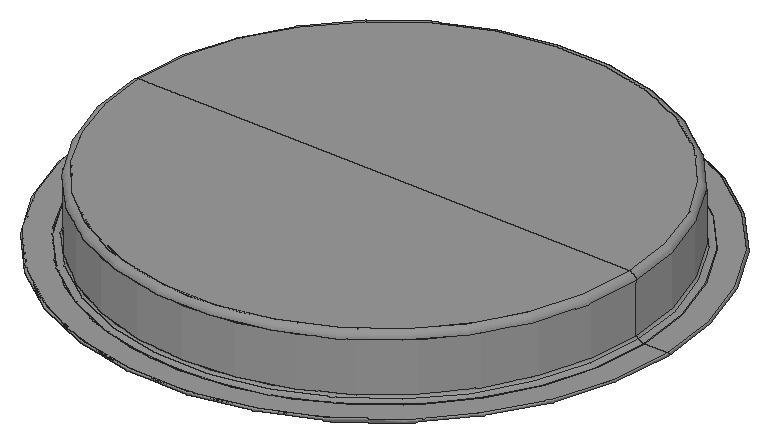
Revit family "MIA12_63_UN_Downlighter_ETK", category Lighting Fixtures, Revit 2017 (continued)
Definition of nested family "MIA.1 - Lightsource"
  Types (8, lengths in mm): name | Wattage | built-in parameter 1150134 | Photometric Web File | built-in parameter 1150142 | built-in parameter 1150105 | Lumens | built-in parameter 1150107 | built-in parameter 1150106
    MIA.1263.15 -  Ø180 / 10W / 1100lm / 4000K | 7.40531 W | 12 | "MIA.1263.15_LDT.ies" | "IESNA91\r\n[MANUFAC]  www.etk.nl\r\n[LUMCAT] MIA.1263.15\r\n[LUMINAIRE] MIA.1 LED 10W 4000K ø180 1000Lm mat wit  Dimbaar DALI\r\n[LAMP] LED\r\n[CHANGED] this file converted to 'ies' from 'ldt' by IES Viewer v2.99n    (C) Andrey Legotin\r\nTILT=NONE\r\n1 1050 1.05 181 24 1 2 0 -0.16 0\r\n1 1 10\r\n0 1 2 3 4 5 6 7 8 9 10 11 12 13 14 15 16 17 18 19 20 21 22 \r\n23 24 25 26 27 28 29 30 31 32 33 34 35 36 37 38 39 40 41 42 \r\n43 44 45 46 47 48 49 50 51 52 53 54 55 56 57 58 59 60 61 62 \r\n63 64 65 66 67 68 69 70 71 72 73 74 75 76 77 78 79 80 81 82 \r\n83 84 85 86 87 88 89 90 91 92 93 94 95 96 97 98 99 100 101 \r\n102 103 104 105 106 107 108 109 110 111 112 113 114 115 116 \r\n117 118 119 120 121 122 123 124 125 126 127 128 129 130 131 \r\n132 133 134 135 136 137 138 139 140 141 142 143 144 145 146 \r\n147 148 149 150 151 152 153 154 155 156 157 158 159 160 161 \r\n162 163 164 165 166 167 168 169 170 171 172 173 174 175 176 \r\n177 178 179 180 \r\n0 15 30 45 60 75 90 105 120 135 150 165 180 195 210 225 240 \r\n255 270 285 300 315 330 345 \r\n346.7666 346.96 346.9237 346.8029 346.1864 346.1139 \r\n345.4611 344.9293 344.1073 343.7931 342.8381 341.5206 \r\n340.2635 338.6317 336.9394 334.9934 332.5879 331.4638 \r\n329.7474 327.3661 325.1541 322.652 320.5125 317.95 314.9523 \r\n312.4018 309.4524 306.3459 303.0098 300.0121 296.9539 \r\n293.2189 289.5322 285.8697 282.0742 278.2546 274.6283 \r\n270.7845 266.8198 262.4199 258.3706 253.9466 249.5588 \r\n245.2315 240.2393 235.6219 230.9924 226.387 222.0839 \r\n216.6203 211.3381 206.5031 201.3659 196.3858 190.9223 \r\n185.8334 180.3941 175.0635 169.6483 163.8342 159.0112 \r\n153.318 147.4193 142.0525 136.4559 130.8473 125.0695 \r\n119.3884 113.7314 108.0865 102.4417 96.9298 91.3212 85.5675 \r\n80.1402 74.6283 69.1285 63.4715 58.1651 52.7257 47.3951 \r\n42.2217 37.0241 31.9231 26.8343 21.8421 16.9588 12.1721 \r\n7.5063 3.1911 0.7857 0.133 0.1209 0.1209 0.1209 0.1209 \r\n0.1209 0.1209 0.1209 0.1209 0.1209 0.133 0.1451 0.1571 \r\n0.1571 0.1692 0.1692 0.1813 0.1813 0.2055 0.2055 0.2176 \r\n0.2297 0.2418 0.2538 0.2659 0.2659 0.278 0.278 0.2901 \r\n0.3022 0.3264 0.3264 0.3143 0.3264 0.3385 0.3505 0.3505 \r\n0.3626 0.3747 0.3868 0.3868 0.3989 0.411 0.411 0.411 0.4352 \r\n0.4352 0.4352 0.4472 0.4472 0.4593 0.4714 0.4714 0.4835 \r\n0.4956 0.4956 0.4956 0.5077 0.5077 0.5077 0.5077 0.5198 \r\n0.5198 0.5198 0.5319 0.5319 0.5319 0.5319 0.5319 0.5319 \r\n0.5319 0.5319 0.5319 0.5319 0.5319 0.5319 0.556 0.556 0.556 \r\n0.556 0.6044 0.6165 0.6406 0.6406 0.6527 0.6527 0.6527 \r\n0.6527 0.6527 0.6406 \r\n348.3742 347.7578 349.2083 348.2413 348.0962 346.9842 \r\n346.5248 345.9084 346.0172 344.8326 343.6964 343.6722 \r\n341.0734 340.3119 338.2812 336.3472 334.5582 332.9868 \r\n331.1374 328.3936 327.2936 324.5739 321.3828 319.6059 \r\n316.4632 313.7314 311.4469 307.7602 305.0526 301.9098 \r\n298.6341 295.1287 291.7442 287.7674 284.5401 280.5633 \r\n276.9733 273.3954 269.0801 264.6924 260.6551 256.6421 \r\n252.1818 247.1776 243.092 238.535 234.0868 229.3122 \r\n224.4772 218.8807 213.2842 207.6877 202.5867 197.6067 \r\n192.7958 187.5378 181.9413 176.3447 170.8933 165.466 \r\n160.0266 154.6356 149.0632 143.4667 137.9669 132.455 \r\n126.931 120.7784 115.1698 109.6337 103.9768 98.2594 92.5299 \r\n86.9213 81.4094 75.9579 70.3856 64.9462 59.4585 54.14 \r\n48.7731 43.503 38.2086 33.0835 28.0189 23.063 18.0708 \r\n13.1875 8.4854 3.9889 1.1483 0.0967 0.0967 0.1088 0.1088 \r\n0.1088 0.1209 0.1209 0.1209 0.133 0.1451 0.1571 0.1692 \r\n0.1692 0.1813 0.1934 0.1934 0.2055 0.2176 0.2297 0.2297 \r\n0.2418 0.2538 0.2659 0.278 0.278 0.2901 0.3022 0.3143 \r\n0.3264 0.3264 0.3385 0.3505 0.3626 0.3626 0.3626 0.3747 \r\n0.3868 0.3989 0.3989 0.411 0.4231 0.4231 0.4352 0.4352 \r\n0.4472 0.4593 0.4593 0.4714 0.4714 0.4835 0.4956 0.5077 \r\n0.5077 0.5077 0.5077 0.5077 0.5319 0.5319 0.5319 0.5319 \r\n0.5319 0.5319 0.5319 0.5319 0.5319 0.5319 0.5439 0.5439 \r\n0.5439 0.5439 0.5439 0.5439 0.5439 0.556 0.556 0.556 0.5681 \r\n0.5681 0.5802 0.6044 0.6044 0.6165 0.6165 0.6165 0.6286 \r\n0.6286 0.6406 0.6286 0.6286 0.6406 \r\n347.794 348.1083 348.0479 347.7336 347.5402 347.6973 \r\n346.8512 346.0293 345.7512 344.5667 343.7326 342.5964 \r\n341.2426 340.0218 338.5229 336.9394 335.0538 333.4341 \r\n331.5363 329.2518 327.5837 324.719 322.2048 319.896 \r\n317.1401 313.816 311.193 308.3887 305.3427 301.8494 \r\n298.8396 295.2133 291.297 288.263 284.528 280.6237 276.6348 \r\n273.1415 269.4669 265.466 260.3409 256.5333 251.7104 \r\n247.0809 242.8865 238.8372 234.2198 228.9617 224.2717 \r\n219.2917 213.9369 209.2711 204.5207 198.9121 193.6178 \r\n188.5289 183.2346 177.3722 172.1383 166.6747 161.1749 \r\n156.1102 150.2115 144.5546 138.8614 133.3495 127.9101 \r\n121.9872 116.4511 110.7579 105.0647 99.3714 93.9562 88.3476 \r\n82.8357 77.1909 71.6306 66.1187 60.776 55.2037 49.7885 \r\n44.5908 39.3086 34.0868 28.9738 23.9333 18.9532 14.1182 \r\n9.3074 4.7625 1.4747 0.133 0.1209 0.1209 0.1209 0.1209 \r\n0.1209 0.1209 0.1209 0.1209 0.1209 0.1209 0.1451 0.1571 \r\n0.1571 0.1571 0.1692 0.1813 0.1934 0.2055 0.2055 0.2176 \r\n0.2297 0.2418 0.2418 0.2538 0.2659 0.278 0.278 0.2901 \r\n0.3022 0.3143 0.3264 0.3264 0.3264 0.3264 0.3385 0.3505 \r\n0.3626 0.3626 0.3868 0.3868 0.3989 0.3989 0.411 0.411 \r\n0.4352 0.4352 0.4352 0.4472 0.4472 0.4593 0.4714 0.4714 \r\n0.4835 0.4956 0.4956 0.5077 0.5077 0.5077 0.5077 0.5077 \r\n0.5198 0.5198 0.5319 0.5319 0.5319 0.5319 0.5319 0.5319 \r\n0.5439 0.5439 0.5439 0.5439 0.5439 0.5439 0.5439 0.556 \r\n0.556 0.556 0.5681 0.6044 0.6286 0.6406 0.6527 0.6648 \r\n0.6648 0.6769 0.6769 0.6648 0.6406 \r\n346.5369 347.8666 347.2017 346.4161 346.3798 346.4886 \r\n346.3677 345.8359 344.8205 344.7963 343.5755 342.0887 \r\n340.88 339.6591 338.8009 337.701 334.9208 332.9868 330.8594 \r\n328.865 327.487 324.2355 322.3861 319.6422 317.539 315.1819 \r\n311.2897 308.0019 304.7504 302.3087 299.166 295.999 \r\n292.2761 289.0971 285.7367 281.8808 277.7106 274.0602 \r\n269.89 265.7198 261.6826 257.0893 252.762 249.2929 244.0832 \r\n239.4416 234.7758 230.1946 225.553 220.0169 214.4688 \r\n208.9448 204.0977 199.0209 193.8595 188.6136 182.9929 \r\n177.6744 172.38 166.8923 161.465 156.1465 150.5137 144.893 \r\n139.369 133.7121 127.6804 122.3136 116.7533 111.0963 \r\n105.5482 99.7462 94.1376 88.4564 82.9808 77.3963 71.7515 \r\n66.4209 60.8365 55.6388 50.1511 44.8205 39.5383 34.4978 \r\n29.3485 24.3201 19.2917 14.36 9.6821 5.0284 1.5956 0.1088 \r\n0.0967 0.1088 0.1088 0.1209 0.1209 0.1209 0.133 0.1451 \r\n0.1451 0.1571 0.1571 0.1813 0.1813 0.1934 0.1934 0.2055 \r\n0.2176 0.2297 0.2418 0.2418 0.2538 0.2659 0.278 0.2901 \r\n0.2901 0.3143 0.3143 0.3264 0.3385 0.3385 0.3505 0.3626 \r\n0.3626 0.3747 0.3747 0.3868 0.3868 0.3989 0.411 0.4231 \r\n0.4231 0.4231 0.4352 0.4352 0.4352 0.4472 0.4593 0.4593 \r\n0.4714 0.4835 0.4956 0.5077 0.5077 0.5077 0.5198 0.5198 \r\n0.5198 0.5198 0.5198 0.5198 0.5198 0.5319 0.5319 0.5319 \r\n0.5319 0.5319 0.5319 0.5319 0.5439 0.5439 0.5439 0.5439 \r\n0.556 0.556 0.5681 0.5681 0.5802 0.5923 0.6044 0.6044 \r\n0.6165 0.6165 0.6286 0.6286 0.6406 0.6406 0.6406 0.6406 \r\n0.6406 \r\n347.0688 347.5402 348.0358 348.3501 348.2413 347.1655 \r\n346.7787 347.2259 345.8721 345.0381 343.9744 342.3788 \r\n341.3514 339.6229 338.7526 337.3142 335.1988 333.0956 \r\n330.8836 329.0221 327.1123 324.7069 322.2168 319.1708 \r\n317.1401 314.5655 311.3139 308.7151 305.3669 302.212 \r\n299.2747 295.5397 291.986 288.6377 284.9631 280.9017 \r\n277.348 273.5646 269.7208 265.611 261.1024 256.9201 \r\n252.4115 247.6611 243.2733 238.8734 233.7363 229.3606 \r\n224.586 219.3279 214.6863 209.5975 204.6416 199.3714 \r\n194.4035 189.0487 183.4159 178.1458 172.7306 166.9527 \r\n161.6584 156.2553 150.6829 145.0502 139.4778 133.8813 \r\n128.321 122.5553 117.1401 111.4469 105.7416 100.0363 \r\n94.3914 88.5894 83.1863 77.6139 72.0053 66.6143 60.9573 \r\n55.663 50.3324 45.0018 39.8163 34.5703 29.4331 24.4168 \r\n19.4246 14.5413 9.7667 5.1735 1.6439 0.1692 0.1209 0.1088 \r\n0.1088 0.1088 0.1088 0.1088 0.1088 0.1088 0.1209 0.1209 \r\n0.1451 0.1451 0.1571 0.1571 0.1692 0.1813 0.1813 0.2055 \r\n0.2176 0.2176 0.2297 0.2297 0.2418 0.2538 0.2659 0.278 \r\n0.278 0.2901 0.3022 0.3264 0.3264 0.3264 0.3264 0.3385 \r\n0.3505 0.3505 0.3626 0.3747 0.3747 0.3868 0.3989 0.411 \r\n0.411 0.411 0.4352 0.4352 0.4472 0.4352 0.4352 0.4472 \r\n0.4472 0.4593 0.4593 0.4714 0.4714 0.4956 0.4956 0.5077 \r\n0.5077 0.5077 0.5198 0.5198 0.5198 0.5319 0.5319 0.5319 \r\n0.5319 0.5319 0.5319 0.5319 0.5319 0.5319 0.5319 0.5439 \r\n0.5439 0.5439 0.556 0.556 0.5681 0.6044 0.6286 0.6406 \r\n0.6527 0.6648 0.6769 0.6769 0.6769 0.6648 0.6406 \r\n347.794 348.1687 348.2654 347.4677 348.2171 347.238 \r\n347.3105 347.3105 345.6425 345.0743 343.9502 343.2975 \r\n341.9074 340.1185 338.7888 337.3504 335.7186 333.7 331.633 \r\n329.8078 327.7408 325.0453 322.7124 320.0894 317.5632 \r\n314.3962 312.3414 308.5459 305.8262 302.3329 299.7824 \r\n296.3133 293.0134 289.4597 285.4345 281.9896 277.904 \r\n274.4712 270.3493 266.6022 262.2628 257.6695 253.1125 \r\n248.8577 244.6392 239.8888 235.3197 230.3759 225.8189 \r\n220.2708 214.7226 209.1744 203.9043 198.9605 193.8716 \r\n188.6015 183.2588 177.7832 172.3438 167.0615 161.5134 \r\n155.9289 150.3203 144.5788 139.1394 133.4462 127.8134 \r\n122.1322 116.4995 110.7579 105.1855 99.6374 93.92 88.3114 \r\n82.7874 76.9491 71.3889 66.0703 60.5584 55.2158 49.8852 \r\n44.5304 39.2723 34.0505 28.9496 23.9454 18.929 14.1061 \r\n9.3557 4.7625 1.4505 0.1088 0.1088 0.1088 0.1088 0.1209 \r\n0.1209 0.1209 0.133 0.1451 0.1571 0.1571 0.1692 0.1813 \r\n0.1813 0.1934 0.2055 0.2176 0.2176 0.2297 0.2418 0.2538 \r\n0.2659 0.2659 0.278 0.2901 0.3022 0.3143 0.3264 0.3264 \r\n0.3385 0.3505 0.3505 0.3626 0.3626 0.3747 0.3747 0.3989 \r\n0.3989 0.411 0.4231 0.4352 0.4352 0.4352 0.4472 0.4472 \r\n0.4593 0.4714 0.4714 0.4835 0.4835 0.4956 0.5077 0.5077 \r\n0.5077 0.5198 0.5077 0.5198 0.5198 0.5319 0.5319 0.5319 \r\n0.5319 0.5319 0.5319 0.5319 0.5319 0.5319 0.5319 0.5439 \r\n0.5439 0.5439 0.5439 0.556 0.556 0.5681 0.5681 0.5802 \r\n0.5802 0.5923 0.6044 0.6165 0.6286 0.6286 0.6406 0.6406 \r\n0.6527 0.6648 0.6527 0.6527 0.6406 \r\n347.4918 347.4556 347.0325 346.9842 346.5611 346.2589 \r\n344.7842 343.3579 342.959 342.2338 341.025 339.9613 \r\n338.6438 336.9515 335.1868 333.3253 331.5363 329.699 \r\n327.4387 324.586 322.0355 320.3554 317.6599 314.3962 \r\n312.1963 309.1502 306.08 302.9494 299.6011 296.7243 \r\n293.6299 289.7256 286.0389 282.8841 279.4029 275.3656 \r\n271.7877 267.5571 263.3627 259.2893 254.8773 250.9489 \r\n246.3314 242.0283 237.4109 232.9626 228.3694 223.6553 \r\n218.2401 212.8128 207.3855 202.0065 197.5946 192.1794 \r\n187.2235 182.1709 176.8645 171.6548 166.5297 161.054 \r\n155.4938 150.0665 144.8447 139.5141 133.8692 128.1035 \r\n122.7004 117.1643 111.7853 106.2976 100.8703 95.3705 \r\n89.9553 84.5038 79.2457 73.6976 68.2098 63.0726 57.7058 \r\n52.5565 47.3589 42.3426 37.3021 32.3462 27.4628 22.6278 \r\n17.9016 13.1996 8.6667 4.2669 1.2571 0.0484 0.0604 0.0604 \r\n0.0725 0.0604 0.0725 0.0846 0.0846 0.0967 0.0967 0.1088 \r\n0.1209 0.1209 0.133 0.1451 0.1451 0.1571 0.1692 0.1813 \r\n0.1813 0.1934 0.2055 0.2055 0.2176 0.2297 0.2418 0.2418 \r\n0.2538 0.2538 0.2659 0.278 0.278 0.2901 0.3022 0.3022 \r\n0.3143 0.3143 0.3264 0.3264 0.3385 0.3505 0.3626 0.3626 \r\n0.3626 0.3747 0.3747 0.3868 0.3989 0.411 0.411 0.4231 \r\n0.4352 0.4352 0.4472 0.4472 0.4593 0.4593 0.4714 0.4714 \r\n0.4714 0.4835 0.4835 0.4956 0.4835 0.4956 0.5077 0.5077 \r\n0.5319 0.5319 0.5439 0.5439 0.556 0.5681 0.5802 0.5802 \r\n0.5923 0.6044 0.6165 0.6165 0.6165 0.6286 0.6286 0.6286 \r\n0.6406 0.6406 0.6406 0.6406 0.6406 0.6406 0.6406 \r\n348.6764 348.9907 348.3863 347.516 346.8029 346.4886 \r\n345.8359 345.0864 344.0348 342.8986 341.6173 340.3239 \r\n339.3449 337.2295 335.2955 333.3132 331.6814 329.3122 \r\n327.7408 325.4321 322.7487 320.4883 318.2159 315.6896 \r\n312.2809 309.3557 306.6965 303.8317 300.0242 296.5551 \r\n292.7475 289.6531 285.8697 282.5819 278.4117 274.9547 \r\n271.413 267.3758 263.121 258.6486 254.2367 249.9819 \r\n245.3282 240.5173 236.1779 231.8869 226.8101 222.1806 \r\n217.3456 212.4501 207.6756 202.5746 197.6188 192.1552 \r\n187.1026 182.1105 176.8766 171.5218 166.1912 160.5222 \r\n155.5663 149.8489 144.204 138.7767 133.2165 127.7167 \r\n122.096 116.717 111.2172 105.7053 100.2055 94.6211 89.2784 \r\n83.8511 78.3392 72.9844 67.5209 62.2749 56.9564 51.928 \r\n46.6699 41.569 36.5043 31.4517 26.6892 21.818 16.9588 \r\n12.3776 7.8206 3.5537 0.9428 0.0967 0.0725 0.0725 0.0725 \r\n0.0725 0.0725 0.0725 0.0725 0.0725 0.0846 0.0967 0.0967 \r\n0.0967 0.1088 0.1209 0.133 0.133 0.1451 0.1571 0.1571 \r\n0.1692 0.1813 0.1813 0.1934 0.2055 0.2176 0.2176 0.2297 \r\n0.2418 0.2418 0.2538 0.2659 0.2659 0.278 0.278 0.2901 \r\n0.2901 0.3022 0.3143 0.3143 0.3264 0.3264 0.3385 0.3385 \r\n0.3505 0.3505 0.3626 0.3626 0.3868 0.3868 0.3989 0.3989 \r\n0.411 0.4231 0.4231 0.4472 0.4352 0.4352 0.4472 0.4472 \r\n0.4472 0.4472 0.4593 0.4593 0.4593 0.4714 0.4956 0.4956 \r\n0.5077 0.5077 0.5198 0.5319 0.5439 0.556 0.556 0.5681 \r\n0.5681 0.5802 0.5923 0.6286 0.6286 0.6406 0.6406 0.6527 \r\n0.6648 0.6648 0.6648 0.6648 0.6406 0.6406 \r\n347.5281 347.5281 347.8424 347.9391 347.4677 346.3677 \r\n346.5853 345.2798 343.7326 342.5118 341.4723 339.8525 \r\n338.5592 336.746 335.0659 333.6396 331.2704 329.421 \r\n326.5925 325.1541 322.7971 320.4762 317.6236 314.7589 \r\n311.5919 308.5338 305.8866 302.5867 299.5286 295.9869 \r\n292.9288 289.1092 285.4829 281.9171 278.2787 274.314 \r\n270.2526 265.9857 262.3957 258.0322 254.2971 248.894 \r\n244.9414 240.2514 235.8153 231.0045 226.4717 221.1531 \r\n215.8346 210.5161 205.669 200.8824 195.3584 190.5113 \r\n185.3983 180.3941 174.5558 169.5999 164.3297 158.9871 \r\n153.5114 147.9512 142.4876 137.0966 131.5001 125.9761 \r\n120.4883 114.8918 109.6217 103.9647 98.5737 93.1464 87.5378 \r\n82.2072 76.8766 71.3647 66.0462 60.8365 55.5663 50.3445 \r\n45.2315 40.1668 35.0296 30.0616 25.2508 20.4279 15.7863 \r\n11.1205 6.6119 2.5505 0.4835 0.0484 0.0484 0.0604 0.0604 \r\n0.0725 0.0725 0.0846 0.0846 0.0967 0.0967 0.1088 0.1209 \r\n0.1209 0.133 0.1451 0.1571 0.1571 0.1692 0.1813 0.1934 \r\n0.1934 0.2055 0.2055 0.2176 0.2297 0.2418 0.2418 0.2538 \r\n0.2538 0.2659 0.278 0.278 0.2901 0.2901 0.3022 0.3143 \r\n0.3143 0.3264 0.3264 0.3385 0.3385 0.3505 0.3505 0.3626 \r\n0.3626 0.3747 0.3868 0.3989 0.3989 0.411 0.4231 0.4231 \r\n0.4352 0.4472 0.4472 0.4593 0.4593 0.4593 0.4714 0.4714 \r\n0.4714 0.4714 0.4835 0.4835 0.4956 0.5077 0.5077 0.5198 \r\n0.5319 0.5439 0.5439 0.556 0.5681 0.5681 0.5802 0.5923 \r\n0.6044 0.6165 0.6165 0.6165 0.6165 0.6286 0.6286 0.6286 \r\n0.6286 0.6406 0.6286 0.6286 0.6286 0.6406 \r\n348.1083 347.3105 346.5974 346.4886 346.5248 345.9205 \r\n345.026 343.926 343.5876 342.0404 340.1064 339.2723 \r\n337.3625 336.1658 333.7121 331.9836 330.4243 328.0672 \r\n325.8552 323.2685 320.8872 317.9258 315.3753 312.5831 \r\n309.4162 306.7569 303.723 300.9187 297.9814 294.198 \r\n290.5838 286.9455 283.5247 279.693 276.1634 272.0658 \r\n268.0527 264.1605 259.8332 255.3487 250.961 246.7666 \r\n242.1733 238.124 233.6275 228.7562 223.752 218.8928 214.082 \r\n209.3557 204.5086 199.7099 194.4639 189.0608 183.6819 \r\n178.7622 173.1778 168.0527 162.7705 157.2344 151.9038 \r\n146.3556 140.9767 135.2714 130.1342 124.7311 119.1708 \r\n113.5138 108.014 102.5384 97.2803 91.708 86.1598 80.805 \r\n75.3052 69.9142 64.5473 59.3618 54.0916 49.0149 43.8051 \r\n38.8493 33.8088 28.8045 24.0421 19.2796 14.5534 9.8634 \r\n5.4756 1.8252 0.1813 0.0725 0.0725 0.0725 0.0725 0.0725 \r\n0.0725 0.0725 0.0725 0.0725 0.0967 0.0967 0.0967 0.0967 \r\n0.1088 0.1209 0.133 0.1451 0.1571 0.1571 0.1571 0.1692 \r\n0.1813 0.1813 0.2055 0.2055 0.2176 0.2176 0.2297 0.2418 \r\n0.2418 0.2538 0.2659 0.2659 0.2659 0.278 0.278 0.2901 \r\n0.3022 0.3143 0.3143 0.3264 0.3264 0.3264 0.3385 0.3385 \r\n0.3505 0.3626 0.3747 0.3868 0.3868 0.3989 0.3989 0.3989 \r\n0.411 0.4231 0.4352 0.4352 0.4472 0.4352 0.4472 0.4472 \r\n0.4472 0.4593 0.4593 0.4593 0.4714 0.4835 0.4835 0.4956 \r\n0.5077 0.5198 0.5198 0.5439 0.556 0.556 0.556 0.5681 0.5681 \r\n0.5923 0.6165 0.6286 0.6286 0.6286 0.6406 0.6406 0.6527 \r\n0.6527 0.6527 0.6406 0.6406 \r\n347.5765 347.3105 347.1534 347.0688 346.2589 345.2798 \r\n344.7963 343.8172 342.7535 341.6415 340.058 339.0548 \r\n337.1812 335.1505 333.2648 331.3913 329.4331 326.9552 \r\n324.9365 322.2894 320.0411 3
